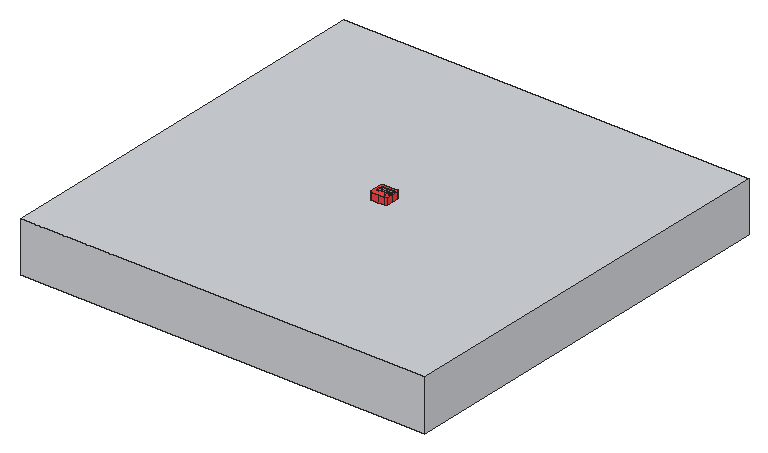
Revit family "Pulsador direccionable_Aguilera Electronica", category Dispositivos de alarma de incendios, Revit 2019
Family settings
  Anfitrión = Cara
  Mantener orientación de anotación = Sí
  Cota de conector redondo = Diámetro de uso
  Tipo de pieza = Normal
  Número OmniClass = 23.85.30.21.14.14
  Título OmniClass = Concentration Detection Alarm Glasses
  Corte con vacíos al cargar = No
  Compartido = No
  Punto de cálculo de habitación = No
Parameters (values of type "Pulsador direccionable con aislador")
  URL = "http://aguilera.es/?productos=pulsador-direccionable-del-sistema-algoritmico"
  Tapa metacrilato = Plástico, transparente
  Símbolo texto modelo = yes
  Símbolo = yes
  Señales = Protector int. - 0.5 mm  # 36.5 mm
  Protector int. = Protector ext. - 1 mm  # 37 mm
  Protector ext. = Profundidad - 1 mm  # 38 mm
  Profundidad tapa = Profundidad + 2 mm  # 41 mm
  Profundidad = 39 mm
  Keynote = ""
  Modelo = "AE/SA-PTA"
  Hueco = Fondo hueco - 1 mm  # 34.5 mm
  Fondo hueco = Señales - 1 mm  # 35.5 mm
  Fabricante = "Aguilera Electrónica"  # constant formula
  Default Elevation = 0 mm
  Diámetro tubo = 20 mm
  Descripción = "Unidad microprocesada direccionable provista con aislador de lazo, fabricada según norma UNE EN 54-11. Controla un interruptor que al ser presionado a través de una lámina flexible (que queda enclavada sin que rompa), genera una señal de alarma en la central.\r\nEl circuito aislador bidireccional protege la instalación frente a cortocircuitos en la línea de entrada o de salida, abriendo la línea y dejando el equipo siempre operativo.\r\nDotada con:\r\n• Tapa de protección transparente.\r\n• Aislador de lazo.\r\n• Conector doble de entrada y salida de lazo.\r\n• Alimentación entre 18 y 27Vcc. Consumo: 900 uA en reposo. 3.6 mA en alarma.\r\n• Medidas: 98x95x39 mm"  # constant formula
  Assembly Code = ""
  Cost = 0
  Carcasa = Plástico ABS rojo
  Ancho = 98 mm
  Alto = 95 mm
Types (4, lengths in mm): name | Señales | Protector int. | Protector ext. | Profundidad tapa | Profundidad | Modelo | Hueco | Fondo hueco
  (no name) | 36.5 | 37 | 38 | 41 | 39 | "AE/SA-PTA" | 34.5 | 35.5
  Pulsador direccionable con aislador | 36.5 | 37 | 38 | 41 | 39 | "AE/SA-PTA" | 34.5 | 35.5
  Pulsador direccionable con aislador con base alta de 40mm | 37.5 | 38 | 39 | 42 | 40 | "AE/SA-PTA + AE/V-PSBA" | 35.5 | 36.5
  Pulsador direccionable con aislador con base baja de 28mm | 25.5 | 26 | 27 | 30 | 28 | "AE/SA-PTA + AE/V-PSBB" | 23.5 | 24.5
Reference planes
  plane 1 "Centro (Frontal/Posterior)": y = 0
  plane 2: z = 0
  plane 3 "Centro (Izquierda/Derecha)": x = 0
  plane 4 "Superior": y = 47.5
  plane 5 "Inferior": y = -47.5
  plane 6 "Profundidad": z = 39
  plane 7 "Derecha": x = 49
  plane 8 "Izquierda": x = -49
Forms (mm)
  Extrusion 1, solid
    sketch origin (0, 0, 0) x (1, 0, 0) y (0, 1, 0)
      loop
        line (-1219.2, 1219.2) -> (-1219.2, -1219.2) -> (1219.2, -1219.2) -> (1219.2, 1219.2) -> (-1219.2, 1219.2)
    from 0 to -304.8
  Extrusion 2, solid, material "Plástico ABS rojo" <- "Carcasa"
    sketch origin (0, 0, 0) x (1, 0, 0) y (0, 1, 0)
      loop
        line (-49, 0) -> (-49, -37.5)
        arc (-49, -37.5) -> (-46.071, -44.571) -> (-39, -47.5) r 10
        line (-39, -47.5) -> (0, -47.5) -> (39, -47.5)
        arc (39, -47.5) -> (46.071, -44.571) -> (49, -37.5) r 10
        line (49, -37.5) -> (49, 0) -> (49, 37.5)
        arc (49, 37.5) -> (46.071, 44.571) -> (39, 47.5) r 10
        line (39, 47.5) -> (0, 47.5) -> (-39, 47.5)
        arc (-39, 47.5) -> (-46.071, 44.571) -> (-49, 37.5) r 10
        line (-49, 37.5) -> (-49, 0)
    from 0 to 39 <- "Profundidad"
  Extrusion 3, void
    sketch origin (0, 0, 0) x (1, 0, 0) y (0, 1, 0)
      loop
        line (0, 30) -> (-35.315, 30)
        arc (-35.315, 30) -> (-37.402, 29.135) -> (-38.267, 27.048) r 2.952
        line (-38.267, 27.048) -> (-38.267, 10.102) -> (-38.267, -6.844)
        arc (-38.267, -6.844) -> (-37.402, -8.932) -> (-35.315, -9.796) r 2.952
        line (-35.315, -9.796) -> (0, -9.796) -> (35.315, -9.796)
        arc (35.315, -9.796) -> (37.402, -8.932) -> (38.267, -6.844) r 2.952
        line (38.267, -6.844) -> (38.267, 10.102) -> (38.267, 27.048)
        arc (38.267, 27.048) -> (37.402, 29.135) -> (35.315, 30) r 2.952
        line (35.315, 30) -> (0, 30)
    from 39 <- "Profundidad" to 34.5 <- "Hueco"
  Extrusion 4, solid, material "Plástico PC/ABS", detail levels fine
    sketch origin (0, 0, 0) x (1, 0, 0) y (0, 1, 0)
      loop
        line (0, 30) -> (-35, 30)
        arc (-35, 30) -> (-37.31, 29.043) -> (-38.267, 26.733) r 3.267
        line (-38.267, 26.733) -> (-38.267, -6.844)
        arc (-38.267, -6.844) -> (-37.402, -8.932) -> (-35.315, -9.796) r 2.952
        line (-35.315, -9.796) -> (0, -9.796) -> (35.315, -9.796)
        arc (35.315, -9.796) -> (37.402, -8.932) -> (38.267, -6.844) r 2.952
        line (38.267, -6.844) -> (38.267, 26.733)
        arc (38.267, 26.733) -> (37.31, 29.043) -> (35, 30) r 3.267
        line (35, 30) -> (0, 30)
    from 34.5 <- "Hueco" to 35.5 <- "Fondo hueco"
  Extrusion 5, solid, material "Plástico, negro opaco", detail levels fine
    sketch origin (0, 0, 0) x (1, 0, 0) y (0, 1, 0)
      loop
        circle (0, 10.733) r 5
    from 35.5 <- "Fondo hueco" to 36.5 <- "Señales"
  Extrusion 6, solid, material "Plástico, negro opaco", detail levels fine
    sketch origin (4.849, 10.634, 0) x (-1, 0, 0) y (0, -1, 0)
      loop
        line (28.901, -2.085) -> (28.901, 0) -> (28.901, 2.085) -> (20.654, 2.085) -> (20.654, 6.085) -> (14.57, 0) -> (20.654, -6.085) -> (20.654, -2.085) -> (28.901, -2.085)
    from 35.5 <- "Fondo hueco" to 36.5 <- "Señales"
  Extrusion 7, solid, material "Acrílico, claro", detail levels fine
    sketch origin (0, 0, 0) x (1, 0, 0) y (0, 1, 0)
      loop
        line (0, 30) -> (-35, 30)
        arc (-35, 30) -> (-37.31, 29.043) -> (-38.267, 26.733) r 3.267
        line (-38.267, 26.733) -> (-38.267, -6.844)
        arc (-38.267, -6.844) -> (-37.402, -8.932) -> (-35.315, -9.796) r 2.952
        line (-35.315, -9.796) -> (0, -9.796) -> (35.315, -9.796)
        arc (35.315, -9.796) -> (37.402, -8.932) -> (38.267, -6.844) r 2.952
        line (38.267, -6.844) -> (38.267, 26.733)
        arc (38.267, 26.733) -> (37.31, 29.043) -> (35, 30) r 3.267
        line (35, 30) -> (0, 30)
    from 37 <- "Protector int." to 38 <- "Protector ext."
  Extrusion 8, solid, material "Plástico, negro opaco", detail levels fine
    sketch origin (-4.849, 10.634, 0) x (1, 0, 0) y (0, 1, 0)
      loop
        line (28.901, 2.085) -> (20.654, 2.085) -> (20.654, 6.085) -> (14.57, 0) -> (20.654, -6.085) -> (20.654, -2.085) -> (28.901, -2.085) -> (28.901, 0) -> (28.901, 2.085)
    from 35.5 <- "Fondo hueco" to 36.5 <- "Señales"
  Revolve 9, solid, material "Cristal, moldeado, transparente(rojo)", detail levels fine
    sketch origin (0, -0.015, 38.221) x (1, 0, 0) y (0, 1, 0)
      loop
        line (23.503, -28.608) -> (27.273, -28.608)
        arc (27.273, -28.608) -> (25.388, -26.724) -> (23.503, -28.608) r 1.885
      axis (23.503, -28.608) -> (27.273, -28.608)
    angle from 0 to 360
  Extrusion 10, solid, material "Plástico, transparente" <- "Tapa metacrilato", not visible, detail levels fine
    sketch origin (0, 0, 0) x (1, 0, 0) y (0, 1, 0)
      loop
        arc (-39, 47.5) -> (-46.071, 44.571) -> (-49, 37.5) r 10
        line (-49, 37.5) -> (-49, -37.5)
        arc (-49, -37.5) -> (-46.071, -44.571) -> (-39, -47.5) r 10
        line (-39, -47.5) -> (39, -47.5)
        arc (39, -47.5) -> (46.071, -44.571) -> (49, -37.5) r 10
        line (49, -37.5) -> (49, 37.5)
        arc (49, 37.5) -> (46.071, 44.571) -> (39, 47.5) r 10
        line (39, 47.5) -> (-39, 47.5)
    from 39 <- "Profundidad" to 41 <- "Profundidad tapa"
Cuts and joins
  Extrusion 3 cuts Extrusion 2
Dimensions and locks
  "Alto": plane 5 "Inferior" to plane 4 "Superior"
  "Ancho": plane 8 "Izquierda" to plane 7 "Derecha"
  "Profundidad": plane 6 "Profundidad" to Extrusion 1
  aligned and locked: plane 2 to Extrusion 1
  aligned and locked: level to Extrusion 1
Automatic sketch dimensions
  Extrusion 1 sketch curve to Extrusion 1 sketch curve = 2438.4 mm  (x2)
  plane 1 "Centro (Frontal/Posterior)" to Extrusion 2 sketch curve = 0 mm  (x2)
  Extrusion 2 sketch curve to plane 8 "Izquierda" = 0 mm
  plane 4 "Superior" to Extrusion 2 sketch curve = 0 mm
  plane 5 "Inferior" to Extrusion 2 sketch curve = 0 mm
  Extrusion 2 sketch curve to plane 3 "Centro (Izquierda/Derecha)" = 0 mm  (x2)
  Extrusion 2 sketch curve to plane 7 "Derecha" = 0 mm
  Extrusion 2 sketch curve to plane 8 "Izquierda" = 10 mm  (x2)
  plane 4 "Superior" to Extrusion 2 sketch curve = 10 mm
  plane 7 "Derecha" to Extrusion 2 sketch curve = 10 mm
  Extrusion 3 sketch curve to plane 3 "Centro (Izquierda/Derecha)" = 0 mm  (x2)
  Extrusion 3 sketch curve to plane 8 "Izquierda" = 13.685 mm  (x2)
  Extrusion 3 sketch curve to Extrusion 3 sketch curve = 2.952 mm  (x2)
  plane 7 "Derecha" to Extrusion 3 sketch curve = 13.685 mm  (x2)
  plane 1 "Centro (Frontal/Posterior)" to Extrusion 3 sketch curve = 9.796 mm
  Extrusion 3 sketch curve to plane 1 "Centro (Frontal/Posterior)" = 10.102 mm  (x2)
  Extrusion 3 sketch curve to Extrusion 3 sketch curve = 16.946 mm
  Extrusion 4 sketch curve to plane 3 "Centro (Izquierda/Derecha)" = 0 mm  (x2)
  Extrusion 4 sketch curve to plane 8 "Izquierda" = 14 mm
  plane 1 "Centro (Frontal/Posterior)" to Extrusion 4 sketch curve = 6.844 mm
  Extrusion 4 sketch curve to plane 8 "Izquierda" = 13.685 mm
  Extrusion 4 sketch curve to Extrusion 4 sketch curve = 3.267 mm
  plane 7 "Derecha" to Extrusion 4 sketch curve = 14 mm
  plane 7 "Derecha" to Extrusion 4 sketch curve = 13.685 mm
  Extrusion 4 sketch curve to Extrusion 4 sketch curve = 2.952 mm
  plane 4 "Superior" to Extrusion 4 sketch curve = 20.767 mm
  Extrusion 5 sketch curve to plane 3 "Centro (Izquierda/Derecha)" = 0 mm
  Extrusion 5 sketch curve to plane 1 "Centro (Frontal/Posterior)" = 10.733 mm
  plane 3 "Centro (Izquierda/Derecha)" to Extrusion 6 sketch curve = 9.721 mm
  Extrusion 6 sketch curve to Extrusion 6 sketch curve = 6.085 mm
  plane 1 "Centro (Frontal/Posterior)" to Extrusion 6 sketch curve = 4.55 mm
  Extrusion 6 sketch curve to Extrusion 6 sketch curve = 0 mm
  Extrusion 6 sketch curve to Extrusion 6 sketch curve = 8.247 mm
  Extrusion 6 sketch curve to Extrusion 6 sketch curve = 4 mm
  Extrusion 6 sketch curve to Extrusion 6 sketch curve = 2.085 mm  (x3)
  Extrusion 7 sketch curve to plane 3 "Centro (Izquierda/Derecha)" = 0 mm  (x2)
  Extrusion 7 sketch curve to plane 8 "Izquierda" = 14 mm
  plane 1 "Centro (Frontal/Posterior)" to Extrusion 7 sketch curve = 6.844 mm
  Extrusion 7 sketch curve to plane 8 "Izquierda" = 13.685 mm
  Extrusion 7 sketch curve to Extrusion 7 sketch curve = 3.267 mm
  plane 7 "Derecha" to Extrusion 7 sketch curve = 14 mm
  plane 7 "Derecha" to Extrusion 7 sketch curve = 13.685 mm
  Extrusion 7 sketch curve to Extrusion 7 sketch curve = 2.952 mm
  plane 4 "Superior" to Extrusion 7 sketch curve = 20.767 mm
  plane 3 "Centro (Izquierda/Derecha)" to Extrusion 8 sketch curve = 9.721 mm
  Extrusion 8 sketch curve to Extrusion 8 sketch curve = 6.085 mm
  Extrusion 8 sketch curve to plane 1 "Centro (Frontal/Posterior)" = 4.55 mm
  Extrusion 8 sketch curve to Extrusion 8 sketch curve = 0 mm
  Extrusion 8 sketch curve to Extrusion 8 sketch curve = 8.247 mm
  Extrusion 8 sketch curve to Extrusion 8 sketch curve = 4 mm
  Extrusion 8 sketch curve to Extrusion 8 sketch curve = 2.085 mm  (x3)
  plane 3 "Centro (Izquierda/Derecha)" to Revolve 9 sketch curve = 23.503 mm
  Revolve 9 sketch curve to Revolve 9 sketch curve = 1.885 mm
  Revolve 9 sketch curve to plane 5 "Inferior" = 18.876 mm
  Revolve 9 sketch curve to Revolve 9 sketch curve = 0.29 mm  (x2)
  Revolve 9 sketch curve to Revolve 9 sketch curve = 0 mm
  Extrusion 10 sketch curve to plane 8 "Izquierda" = 0 mm
  plane 5 "Inferior" to Extrusion 10 sketch curve = 0 mm
  plane 4 "Superior" to Extrusion 10 sketch curve = 0 mm
  Extrusion 10 sketch curve to plane 7 "Derecha" = 0 mm
  Extrusion 10 sketch curve to Extrusion 10 sketch curve = 10 mm  (x2)
  Extrusion 10 sketch curve to plane 8 "Izquierda" = 10 mm
  plane 7 "Derecha" to Extrusion 10 sketch curve = 10 mm
  radius of Extrusion 5 sketch curve = 5 mm
Nested families
  nested 1: "S_Pulsador direccionable_Aguilera Electronica" at (0, 0, 0), visible <- "Símbolo", type "S_Pulsador direccionable_Aguilera Electronica"
Connectors
  electrical at (0, 0, 0), driven by "Modelo"
    settings: on cut or joined group of Extrusion 2, Extrusion 3, index 1, voltage 0 V, apparent load 0 VA, apparent load phase1 0 VA, apparent load phase2 0 VA, apparent load phase3 0 VA, power factor 1, load classification "Otro", number of poles 1, system type 11, power factor state 1, is connector primary yes, connector utility no, sub classification motor no, connector description "AE/SA-PTA"
  cabletrayconduit at (0, 0, 0), diameter 20, driven by "Diámetro tubo", driven by "Modelo"
    settings: on cut or joined group of Extrusion 2, Extrusion 3, index 2, connector width 300 mm, connector height 300 mm, connector angle 0.00°, system type 32, placement type 0, profile type 0, connector reference index -1, is primary connector yes, connector utility param no, connector description "AE/SA-PTA"
Definition of nested family "S_Pulsador direccionable_Aguilera Electronica"
  Parameters (values of type "S_Pulsador direccionable_Aguilera Electronica")
    Texto símbolo = "Pulsador direccionable"
    Texto modelo = yes
    Modelo = "AE/SA-PT"
  Reference planes
    plane 1: y = 0
    plane 2: x = 0
  Lines and regions (mm)
    detail lines
      curve 1: line (-2.5, -2.436, 0) -> (2.5, -2.436, 0)
      curve 2: line (-2.5, 2.473, 0) -> (-2.5, -2.436, 0)
      curve 3: line (2.5, 2.473, 0) -> (-2.5, 2.473, 0)
      curve 4: line (2.5, -2.436, 0) -> (2.5, 2.473, 0)
  Text (mm)
    label "Texto símbolo" at (0.256, 0.692, 0), shows "Texto símbolo"
    label "Modelo" at (0.256, -1.067, 0), shows "Modelo", visible <- "Texto modelo"
